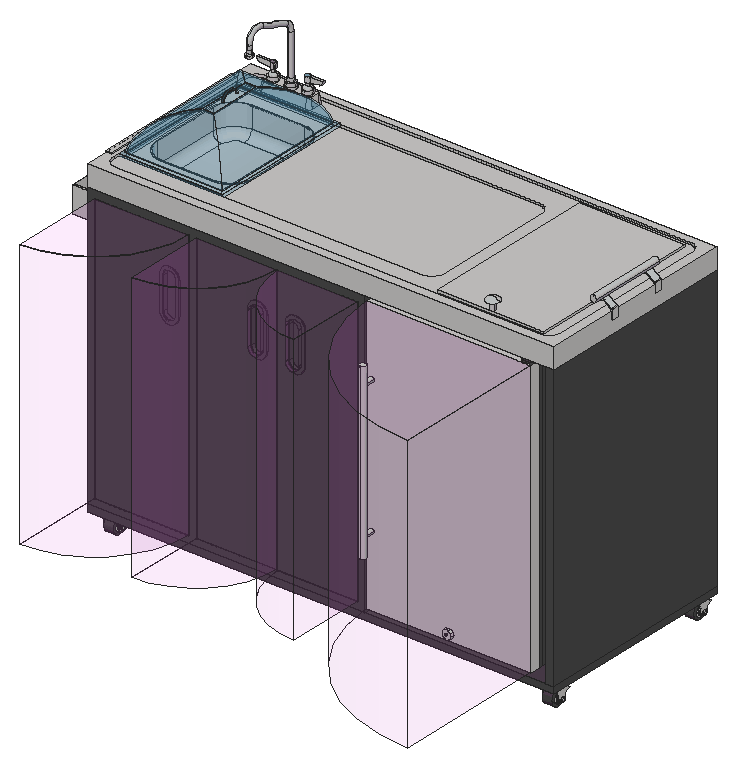
Revit family "QF_Summit_CARTOS54LS_Mobile_Outdoor_Serving_Station_with_Refrigerator", category Specialty Equipment, Revit 2020 (continued)
Automatic sketch dimensions
  profile plane to Sweep 25 sketch curve = 0"
  profile plane to Sweep 25 sketch curve = 4.98184"
  Sweep 25 sketch curve to Sweep 25 sketch curve = 0.12794"
  Sweep 28 sketch curve to Sweep 28 sketch curve = 0"  (x3)
  Sweep 28 sketch curve to profile plane = 0"
  profile plane to Sweep 28 sketch curve = 4.8745"
  Sweep 28 sketch curve to profile plane = 1.1009"
  profile plane to Sweep 28 sketch curve = 0"
  profile plane to Sweep 28 sketch curve = 4.98184"
  Sweep 28 sketch curve to Sweep 28 sketch curve = 0.12794"
  Extrusion 32 sketch curve to Sweep 25 = 0"  (x4)
  Sweep 24 sketch curve to profile plane = 0"  (x2)
  profile plane to Sweep 24 sketch curve = 1/2"  (x2)
  Sweep 24 sketch curve to Sweep 24 sketch curve = 12.05558"
  Sweep 24 sketch curve to Sweep 24 sketch curve = 17"
  Sweep 27 sketch curve to profile plane = 0"  (x2)
  profile plane to Sweep 27 sketch curve = 1/2"  (x2)
  Sweep 27 sketch curve to Sweep 27 sketch curve = 12.05558"
  Sweep 27 sketch curve to Sweep 27 sketch curve = 17"
  curve 11 to curve 148 = 0.37206"
  curve 147 to curve 156 = 5.00244"
  curve 153 to curve 16 = 1/2"
  curve 15 to curve 15 = 0.251"
  curve 155 to curve 154 = 1.30657"
  curve 154 to curve 151 = 5.00244"  (x2)
  curve 145 to curve 10 = 0.37206"
  curve 9 to curve 12 = 0"
  curve 9 to curve 146 = 0.36948"
  curve 134 to curve 154 = 5.37192"
  curve 153 to curve 13 = 1.94612"
  curve 13 to curve 15 = 2.2591"
  curve 15 to curve 156 = 2.04578"
  curve 147 to curve 12 = 0.37206"
  curve 147 to curve 152 = 0.12794"
  curve 145 to curve 134 = 2.8656"
  curve 134 to curve 133 = 1/2"
  curve 133 to curve 133 = 2 3/4"
  curve 133 to curve 132 = 0.62101"
  curve 132 to curve 145 = 1.82485"
  curve 132 to curve 9 = 0.46358"
  curve 9 to curve 132 = 0"
  curve 132 to curve 133 = 0"
  curve 152 to curve 147 = 0.12794"
  curve 19 to curve 160 = 0.37206"
  curve 159 to curve 168 = 5.00244"
  curve 165 to curve 24 = 1/2"
  curve 23 to curve 23 = 0.251"
  curve 167 to curve 166 = 1.30657"
  curve 166 to curve 163 = 5.00244"  (x2)
  curve 157 to curve 18 = 0.37206"
  curve 17 to curve 20 = 0"
  curve 17 to curve 158 = 0.36948"
  curve 137 to curve 166 = 5.37192"
  curve 165 to curve 21 = 1.94612"
  curve 21 to curve 23 = 2.2591"
  curve 23 to curve 168 = 2.04578"
  curve 159 to curve 20 = 0.37206"
  curve 159 to curve 164 = 0.12794"
  curve 157 to curve 137 = 2.8656"
  curve 137 to curve 136 = 1/2"
  curve 136 to curve 136 = 2 3/4"
  curve 136 to curve 135 = 0.62101"
  curve 135 to curve 157 = 1.82485"
  curve 135 to curve 17 = 0.46358"
  curve 17 to curve 135 = 0"
  curve 135 to curve 136 = 0"
  curve 164 to curve 159 = 0.12794"
  curve 40 to plane 4 "RIGHT" = 0"
  curve 27 to plane 4 "RIGHT" = 0"
  plane 1 "BACK" to curve 25 = 0"
  curve 25 to plane 4 "RIGHT" = 0"
  plane 5 "FRONT" to curve 142 = 0"
  curve 26 to plane 3 "LEFT" = 0"
  curve 144 to plane 3 "LEFT" = 0"
  curve 62 to plane 13 = 0"
  curve 33 to plane 4 "RIGHT" = 1/8"
  curve 29 to plane 4 "RIGHT" = 1/8"
  plane 4 "RIGHT" to curve 42 = 1"
  plane 4 "RIGHT" to curve 60 = 1"
  curve 42 to curve 36 = 5/8"
  curve 41 to curve 49 = 1 7/16"
  curve 49 to curve 44 = 1/16"
  curve 49 to curve 41 = 1/16"
  curve 43 to curve 58 = 5/8"
  curve 57 to plane 5 "FRONT" = 1 31/32"
  curve 55 to curve 57 = 5 7/16"
  plane 1 "BACK" to curve 54 = 2 3/16"
  curve 55 to curve 54 = 10 7/8"
  curve 53 to curve 52 = 11/16"  (x2)
  curve 54 to curve 72 = 2 3/8"
  curve 73 to curve 70 = 1 1/2"
  curve 71 to curve 71 = 1 1/2"
  curve 73 to curve 116 = 3/8"
  curve 106 to curve 114 = 0"
  curve 102 to curve 106 = 0"
  curve 112 to curve 114 = 0"
  curve 100 to curve 102 = 0"
  curve 97 to plane 8 "Center X" = 0.04343"
  curve 97 to curve 98 = 0"
  curve 71 to curve 83 = 3/8"
  curve 71 to curve 74 = 3/8"  (x2)
  curve 93 to curve 94 = 0"
  curve 89 to curve 83 = 0"
  curve 78 to curve 76 = 0"
  plane 7 "Center Y" to curve 142 = 4 5/16"
  curve 143 to plane 7 "Center Y" = 3.64411"
  curve 143 to curve 141 = 2.60353"
  plane 8 "Center X" to curve 86 = 2.83157"
  curve 86 to plane 7 "Center Y" = 12 1/16"
  curve 80 to curve 86 = 0"
  curve 76 to curve 78 = 0"
  curve 90 to curve 87 = 0"
  curve 84 to curve 86 = 0"
  curve 109 to curve 91 = 0"
  curve 94 to curve 91 = 0"
  curve 110 to curve 108 = 0"
  curve 98 to curve 95 = 0"
  curve 102 to curve 100 = 0"
  curve 114 to curve 112 = 0"
  curve 109 to curve 120 = 2 1/8"
  curve 117 to curve 140 = 2 1/4"
  curve 140 to curve 139 = 2.33197"
  curve 120 to curve 128 = 2 1/2"
  curve 120 to curve 122 = 2 1/2"
  curve 121 to curve 127 = 4"
  curve 126 to curve 123 = 2"
  plane 3 "LEFT" to curve 125 = 4 1/4"
  plane 1 "BACK" to curve 48 = 0.85593"
  plane 3 "LEFT" to curve 48 = 2 1/2"
  plane 3 "LEFT" to curve 45 = 2 1/2"
  plane 3 "LEFT" to curve 124 = 1 3/4"
  plane 3 "LEFT" to curve 46 = 1"
  curve 138 to curve 26 = 7/8"
  curve 63 to curve 26 = 1/2"
  curve 68 to plane 3 "LEFT" = 1/8"
  curve 66 to plane 13 = 1/8"
  curve 41 to curve 50 = 0.64407"
  curve 46 to curve 61 = 0.45657"
  curve 144 to curve 68 = 1/8"
  plane 1 "BACK" to curve 69 = 3.35593"
  curve 69 to curve 128 = 1 7/8"
  curve 118 to curve 128 = 0"
  curve 77 to curve 77 = 3/8"
  curve 76 to curve 78 = 1/2"
  curve 81 to curve 81 = 3/8"
  plane 8 "Center X" to curve 36 = 4.58157"
  curve 80 to curve 82 = 1/2"
  curve 85 to curve 85 = 3/8"
  curve 35 to curve 30 = 1.00954"
  curve 29 to curve 30 = 3/4"
  curve 87 to curve 87 = 3/8"
  curve 89 to curve 90 = 1/2"
  curve 91 to curve 91 = 3/8"
  plane 8 "Center X" to curve 94 = 0.33157"
  curve 95 to curve 98 = 1/2"
  curve 99 to curve 99 = 3/8"
  curve 100 to curve 102 = 1/2"
  curve 105 to curve 105 = 3/8"
  curve 127 to plane 8 "Center X" = 2.66843"
  curve 33 to plane 8 "Center X" = 2.67796"
  curve 105 to curve 106 = 1/2"
  curve 32 to curve 33 = 3/4"
  curve 107 to curve 107 = 3/8"
  curve 127 to curve 121 = 1 1/4"
  curve 34 to curve 36 = 1"
  curve 107 to curve 110 = 1/2"
  curve 113 to curve 113 = 3/8"
  curve 111 to curve 114 = 1/2"
  curve 117 to curve 117 = 3/8"
  curve 115 to curve 72 = 3/8"
  curve 70 to curve 68 = 0.33157"
  curve 66 to curve 63 = 1/8"
  curve 70 to curve 45 = 0.76907"
  curve 43 to curve 55 = 3/16"
  curve 53 to plane 5 "FRONT" = 2 5/16"
  curve 49 to curve 43 = 5/8"
  plane 5 "FRONT" to curve 143 = 4 19/32"
  curve 143 to curve 141 = 1/16"
  plane 5 "FRONT" to curve 139 = 5 7/16"
  curve 40 to curve 32 = 7/8"
  curve 28 to curve 29 = 0.89527"
  curve 31 to curve 29 = 0"
  curve 32 to curve 34 = 0.02027"
  curve 59 to curve 57 = 0.66659"
  curve 143 to curve 142 = 0"
  curve 141 to curve 140 = 0"
  curve 119 to curve 69 = 0.46533"
  curve 69 to curve 130 = 1/2"
  curve 126 to curve 126 = 7/8"
  curve 128 to curve 118 = 2.28467"
  curve 130 to curve 128 = 0"
  curve 130 to curve 129 = 0.61409"
  curve 128 to curve 118 = 0.61409"
  curve 129 to curve 47 = 0.67634"
  curve 129 to curve 131 = 0.42634"
  curve 139 to curve 138 = 0"
  curve 61 to curve 131 = 0.54343"
  curve 130 to curve 128 = 1 7/8"
  curve 131 to curve 129 = 0"
  radius of Extrusion 11 sketch curve to Extrusion 1 = 0"  (x2)
  radius of Extrusion 9 sketch curve = 7/8"
Nested families (in)
  nested 1: "Summit_Faucet" at (-1.875, -1.0625, 38.25), type "Summit_Faucet"
    with Type Mark "", Specification by User "", Revision Code "", Item Number "", Installed By "", Identify Quantity as Lot yes, Furnished By "", Foodservice Equipment Identifier yes
  nested 2: "2.5 INCHES_CASTER" at (-3.5625, -1.93248, 0), type "2.5 INCHES_CASTER"
    with Type Mark "", Specification by User "", Revision Code "", Item Number "", Installed By "", Identify Quantity as Lot yes, Furnished By "", Foodservice Equipment Identifier yes, 2.5 Inches Caster yes
  nested 3: "2.5 INCHES_CASTER" at (47.1875, -1.93248, 0), type "2.5 INCHES_CASTER"
    with Type Mark "", Specification by User "", Revision Code "", Item Number "", Installed By "", Identify Quantity as Lot yes, Furnished By "", Foodservice Equipment Identifier yes, 2.5 Inches Caster yes
  nested 4: "2.5 INCHES_CASTER" at (-3.5625, -22.43248, 0), type "2.5 INCHES_CASTER"
    with Type Mark "", Specification by User "", Revision Code "", Item Number "", Installed By "", Identify Quantity as Lot yes, Furnished By "", Foodservice Equipment Identifier yes, 2.5 Inches Caster yes
  nested 5: "2.5 INCHES_CASTER" at (47.1875, -22.43248, 0), type "2.5 INCHES_CASTER"
    with Type Mark "", Specification by User "", Revision Code "", Item Number "", Installed By "", Identify Quantity as Lot yes, Furnished By "", Foodservice Equipment Identifier yes, 2.5 Inches Caster yes
  nested 6: "Summit_SPR196OSADA" at (27.125, -5.875, 3.25), Show Clearance <- "Show Clearance", type "Summit_SPR196OSADA"
    with Show Clearance yes
  nested 7: "SPR196OSADA_Door" at (25.50234, -7.23814, 3.25), visible <- "Show RHD", type "SPR196OSADA_Door"
  nested 8: "SPR196OSADA_Door" at (47.74766, -7.23814, 3.25) x (-1, 0, 0) z (0, 0, 1), visible <- "Show LHD", type "SPR196OSADA_Door"
Definition of nested family "Summit_Faucet"
  Parameters (values of type "Summit_Faucet")
    Weight = ""
    URL Manufacturer = ""
    URL Cutsheet = ""
    URL = ""
    Type Mark [instance] = ""
    Specification by User [instance] = ""
    Specification by Manufacturer = ""
    Serial Number = ""
    Seismic Rating = ""
    SMACNA No = ""
    Revision Code [instance] = ""
    Omniclass Number and Title = ""
    NAFEM Spec ID Number = ""
    Model = ""
    MasterSpec. = ""
    Manufacturer = ""
    Item Number [instance] = ""
    Installed By [instance] = ""
    Identify Quantity as Lot [instance] = yes
    Furnished By [instance] = ""
    Foodservice Equipment Identifier [instance] = yes
    Default Elevation = 0"
    CSI MasterFormat = ""
    CSI Master Format = ""
  Reference planes (in)
    plane 1 "BACK": y = 0
    plane 2: z = 0
    plane 3 "LEFT": x = 0
    plane 4 "RIGHT": x = 6
    plane 5 "FRONT": y = -2
    plane 6 "TOP": z = 9.5
    plane 7: x = 3
    plane 8: x = 1
    plane 9: x = 5
    plane 10: z = 6.75
    plane 11: y = -1
    plane 12: y = -7
  Forms (in)
    Blend 1, solid
      base sketch origin (0, 0, 0) x (1, 0, 0) y (0, 1, 0)
        loop
          arc (0.5, 0) -> (0.14645, -0.14645) -> (0, -0.5) r 0.5
          line (0, -0.5) -> (0, -1.5)
          arc (0, -1.5) -> (0.14645, -1.85355) -> (0.5, -2) r 0.5
          line (0.5, -2) -> (5.5, -2)
          arc (5.5, -2) -> (5.85355, -1.85355) -> (6, -1.5) r 0.5
          line (6, -1.5) -> (6, -0.5)
          arc (6, -0.5) -> (5.85355, -0.14645) -> (5.5, 0) r 0.5
          line (5.5, 0) -> (0.5, 0)
      top sketch origin (0, 0, 0) x (1, 0, 0) y (0, 1, 0)
        loop
          line (5.5, -0.25) -> (0.5, -0.25)
          arc (0.5, -0.25) -> (0.32322, -0.32322) -> (0.25, -0.5) r 0.25
          line (0.25, -0.5) -> (0.25, -1.5)
          arc (0.25, -1.5) -> (0.32322, -1.67678) -> (0.5, -1.75) r 0.25
          line (0.5, -1.75) -> (5.5, -1.75)
          arc (5.5, -1.75) -> (5.67678, -1.67678) -> (5.75, -1.5) r 0.25
          line (5.75, -1.5) -> (5.75, -0.5)
          arc (5.75, -0.5) -> (5.67678, -0.32322) -> (5.5, -0.25) r 0.25
      from 0 to 1
    Extrusion 2, solid
      sketch origin (0, -0.09496, -3.5) x (1, 0, 0) y (0, 0, 1)
        loop
          line (4.82421, 6.36488) -> (4.82421, 5.7908) -> (5.75768, 5.80403) -> (6.42048, 5.89366)
          arc (6.42048, 5.89366) -> (6.70947, 6.05462) -> (6.82421, 6.36488) r 0.47687
          line (6.82421, 6.36488) -> (4.82421, 6.36488)
      from 0.77919 to 1.02919
    Revolve 3, solid
      sketch origin (-4.03517, -1, 0) x (1, 0, 0) y (0, 0, 1)
        loop
          line (5.03934, 1) -> (5.03934, 3.02505)
          arc (5.03934, 3.02505) -> (4.87585, 2.98746) -> (4.76133, 2.86488) r 0.2869
          line (4.76133, 2.86488) -> (4.76133, 2.2908) -> (4.87917, 2.2908) -> (4.87917, 1.83261)
          arc (4.87917, 1.83261) -> (4.65407, 1.74222) -> (4.60414, 1.50485) r 0.25731
          line (4.60414, 1.50485) -> (4.45379, 1.50485) -> (4.45379, 1.1768) -> (4.53934, 1.1768) -> (4.53934, 1) -> (5.03934, 1)
        axis (5.03934, 1) -> (5.03934, 3.02505)
      angle from 0 to 360
    Revolve 4, solid
      sketch origin (10.03517, -0.99916, 0) x (-1, 0, 0) y (0, 0, -1)
        loop
          line (5.03934, -1) -> (4.53934, -1) -> (4.53934, -1.1768) -> (4.45379, -1.1768) -> (4.45379, -1.50485) -> (4.60414, -1.50485)
          arc (4.60414, -1.50485) -> (4.65407, -1.74222) -> (4.87917, -1.83261) r 0.25731
          line (4.87917, -1.83261) -> (4.87917, -2.2908) -> (4.76133, -2.2908) -> (4.76133, -2.86488)
          arc (4.76133, -2.86488) -> (4.87585, -2.98746) -> (5.03934, -3.02505) r 0.2869
          line (5.03934, -3.02505) -> (5.03934, -1)
        axis (5.03934, -1) -> (5.03934, -3.02505)
      angle from 0 to 360
    Extrusion 5, solid
      sketch origin (6, -0.09496, -3.5) x (-1, 0, 0) y (0, 0, -1)
        loop
          line (4.82421, -6.36488) -> (6.82421, -6.36488)
          arc (6.82421, -6.36488) -> (6.70947, -6.05462) -> (6.42048, -5.89366) r 0.47687
          line (6.42048, -5.89366) -> (5.75768, -5.80403) -> (4.82421, -5.7908) -> (4.82421, -6.36488)
      from 0.77919 to 1.02919
    Revolve 6, solid
      sketch origin (0, -7, 0) x (1, 0, 0) y (0, 0, 1)
        loop
          line (3, 7.59291) -> (2.75, 7.59291) -> (2.75, 7.16874) -> (2.625, 6.95223) -> (2.625, 6.75) -> (3, 6.75) -> (3, 7.59291)
        axis (3, 6.75) -> (3, 7.59291)
      angle from 0 to 360
    Sweep 7, solid
      path origin (3, 0, 0) x (0, 1, 0) y (0, 0, 1)
        loop
          line (-7, 7.59291) -> (-7, 8.04139)
          arc (-7, 8.04139) -> (-6.46697, 9.06533) -> (-5.32247, 9.21601) r 1.25
          line (-5.32247, 9.21601) -> (-1.75198, 7.91645)
          arc (-1.75198, 7.91645) -> (-1.20668, 7.49803) -> (-1, 6.84252) r 1.14286
          line (-1, 6.84252) -> (-1, 2)
      profile origin (3, -7, 7.81715) x (0, -1, 0) y (1, 0, 0)
        loop
          circle (0, 0) r 0.25
    Revolve 8, solid
      sketch origin (8.03517, -0.9375, -3.5) x (-1, 0, 0) y (0, 0, -1)
        loop
          line (5.03934, -4.5) -> (4.40363, -4.5) -> (4.40363, -4.67045) -> (4.50358, -4.67045) -> (4.50358, -5.02398) -> (4.68786, -5.13038) -> (4.68786, -5.5) -> (5.03934, -5.5) -> (5.03934, -4.5)
        axis (5.03934, -4.5) -> (5.03934, -5.5)
      angle from 0 to 360
  Cuts and joins
    joined: Revolve 6, Sweep 7
  Lines and regions (in)
    symbolic lines
      curve 1: line (2.67337, -7.08919, 0) -> (2.67337, -1, 0)
      curve 2: line (3.29837, -7.08919, 0) -> (3.29837, -1, 0)
      curve 3: arc (3.29837, -1, 0) -> (2.98587, -0.6875, 0) -> (2.67337, -1, 0) r 0.3125
      curve 4: arc (3.29837, -1.40113, 0) -> (2.98587, -0.49151, 0) -> (2.67337, -1.40113, 0) r 0.50849
      curve 5: arc (3.29837, -1.5749, 0) -> (3.01791, -0.35019, 0) -> (2.67337, -1.55844, 0) r 0.6486
      curve 6: line (4.38304, -0.63916, 0) -> (5.00804, -0.27831, 0)
      curve 7: line (5.00804, -0.27831, 0) -> (5.63304, -0.63916, 0)
      curve 8: line (5.63304, -0.63916, 0) -> (5.63304, -1.26764, 0)
      curve 9: line (4.38304, -1.36084, 0) -> (4.38304, -0.63916, 0)
      curve 10: line (5.00804, -1.72169, 0) -> (4.38304, -1.36084, 0)
      curve 11: line (5.23435, -1.59103, 0) -> (5.00804, -1.72169, 0)
      curve 12: arc (5.53526, -1.17341, 0) -> (4.61465, -0.60851, 0) -> (5.18402, -1.52636, 0) r 0.555
      curve 13: arc (5.28147, -0.74178, 0) -> (4.74077, -0.73099, 0) -> (4.75156, -1.27169, 0) r 0.375
      curve 14: arc (4.75156, -1.27169, 0) -> (4.84744, -1.34648, 0) -> (4.96221, -1.38665, 0) r 0.375
      curve 15: arc (5.23435, -1.59103, 0) -> (5.11621, -1.46497, 0) -> (4.96221, -1.38665, 0) r 0.5
      curve 16: line (5.22231, -1.58455, 0) -> (6.43111, -2.61867, 0)
      curve 17: arc (6.43111, -2.61867, 0) -> (6.60796, -2.59971, 0) -> (6.62691, -2.42286, 0) r 0.14168
      curve 18: line (5.58934, -1.21683, 0) -> (6.62691, -2.42286, 0)
      curve 19: arc (5.39644, -0.95243, 0) -> (5.47064, -1.10086, 0) -> (5.58934, -1.21683, 0) r 0.5
      curve 20: arc (5.39644, -0.95243, 0) -> (5.35626, -0.83766, 0) -> (5.28147, -0.74178, 0) r 0.375
      curve 21: line (1.62658, -0.63916, 0) -> (1.00158, -0.27831, 0)
      curve 22: line (1.62658, -1.36084, 0) -> (1.62658, -0.63916, 0)
      curve 23: line (1.00158, -1.72169, 0) -> (1.62658, -1.36084, 0)
      curve 24: line (0.77192, -1.58909, 0) -> (1.00158, -1.72169, 0)
      curve 25: line (0.77192, -1.58909, 0) -> (-0.42292, -2.61705, 0)
      curve 26: arc (-0.61721, -2.42277, 0) -> (-0.59834, -2.59818, 0) -> (-0.42292, -2.61705, 0) r 0.1406
      curve 27: line (0.42029, -1.21683, 0) -> (-0.61721, -2.42277, 0)
      curve 28: arc (0.42029, -1.21683, 0) -> (0.53899, -1.10086, 0) -> (0.61319, -0.95243, 0) r 0.5
      curve 29: arc (1.04741, -1.38665, 0) -> (0.89898, -1.46086, 0) -> (0.78301, -1.57955, 0) r 0.5
      curve 30: arc (1.04741, -1.38665, 0) -> (1.16218, -1.34648, 0) -> (1.25806, -1.27169, 0) r 0.375
      curve 31: arc (1.25806, -1.27169, 0) -> (1.26885, -0.73099, 0) -> (0.72816, -0.74178, 0) r 0.375
      curve 32: arc (0.72816, -0.74178, 0) -> (0.65337, -0.83766, 0) -> (0.61319, -0.95243, 0) r 0.375
      curve 33: circle (1.00158, -1, 0) r 0.225 normal (0, 0, 1)
      curve 34: line (1.00158, -0.27831, 0) -> (0.37658, -0.63916, 0)
      curve 35: line (0.37658, -0.63916, 0) -> (0.37658, -1.26764, 0)
      curve 36: arc (0.82561, -1.52636, 0) -> (1.39498, -0.60851, 0) -> (0.47437, -1.17341, 0) r 0.555
      curve 37: arc (2.67337, -6.68325, 0) -> (2.98587, -7.60148, 0) -> (3.29837, -6.68325, 0) r 0.51229
      curve 38: arc (2.67337, -7.08919, 0) -> (2.98587, -7.40169, 0) -> (3.29837, -7.08919, 0) r 0.3125
      curve 39: line (3.29837, -2, 0) -> (5.51871, -2, 0)
      curve 40: line (6, -1.5, 0) -> (6, -0.5, 0)
      curve 41: line (5.5, 0, 0) -> (0.5, 0, 0)
      curve 42: line (0, -0.5, 0) -> (0, -1.5, 0)
      curve 43: line (0.5, -2, 0) -> (2.67337, -2, 0)
      curve 44: line (0.58489, -1.75, 0) -> (2.67337, -1.75, 0)
      curve 45: line (3.29837, -1.75, 0) -> (5.41571, -1.75, 0)
      curve 46: line (0.5, -0.25, 0) -> (5.5, -0.25, 0)
      curve 47: arc (5.75, -0.5, 0) -> (5.67678, -0.32322, 0) -> (5.5, -0.25, 0) r 0.25
      curve 48: arc (0.5, -0.25, 0) -> (0.32322, -0.32322, 0) -> (0.25, -0.5, 0) r 0.25
      curve 49: line (0.25, -1.41477, 0) -> (0.25, -0.5, 0)
      curve 50: line (5.75, -0.5, 0) -> (5.75, -1.40358, 0)
      curve 51: line (0.05911, -1.63665, 0) -> (0, -1.5, 0)
      curve 52: line (0.5, -2, 0) -> (0.35546, -1.94739, 0)
      curve 53: line (5.64118, -1.94289, 0) -> (5.51871, -2, 0)
      curve 54: line (5.94504, -1.63028, 0) -> (6, -1.5, 0)
      curve 55: arc (5.5, 0, 0) -> (5.85355, -0.14645, 0) -> (6, -0.5, 0) r 0.5
      curve 56: arc (0, -0.5, 0) -> (0.14645, -0.14645, 0) -> (0.5, 0, 0) r 0.5
      curve 57: circle (4.99842, -1, 0) r 0.225 normal (0, 0, -1)
  Dimensions and locks (in)
    equal spacing: plane 4 "RIGHT", plane 7, plane 3 "LEFT"
    plane 6 "TOP" to plane 2 = 9 1/2"
    aligned and locked: level to plane 2
  Automatic sketch dimensions
    Blend 1 sketch curve to plane 3 "LEFT" = 0"
    plane 5 "FRONT" to Blend 1 sketch curve = 0"
    plane 1 "BACK" to Blend 1 sketch curve = 0"
    Blend 1 sketch curve to plane 4 "RIGHT" = 0"
    plane 3 "LEFT" to Blend 1 sketch curve = 1/2"  (x2)
    Blend 1 sketch curve to plane 4 "RIGHT" = 1/2"  (x3)
    plane 1 "BACK" to Blend 1 sketch curve = 1/2"  (x2)
    plane 3 "LEFT" to Blend 1 sketch curve = 1/4"
    Blend 1 sketch curve to Blend 1 sketch curve = 1/4"  (x3)
    Blend 1 sketch curve to plane 5 "FRONT" = 1/4"
    plane 9 to Extrusion 2 sketch curve = 45/256"
    Extrusion 2 sketch curve to plane 4 "RIGHT" = 0.24232"
    plane 4 "RIGHT" to Extrusion 2 sketch curve = 0.34735"
    plane 4 "RIGHT" to Extrusion 2 sketch curve = 0.42048"
    Extrusion 2 sketch curve to plane 10 = 3.88512"
    Extrusion 2 sketch curve to Extrusion 2 sketch curve = 0.47687"
    Extrusion 2 sketch curve to Extrusion 2 sketch curve = 0.08963"
    Extrusion 2 sketch curve to Extrusion 2 sketch curve = 0.57408"
    plane 8 to Extrusion 5 sketch curve = 45/256"
    plane 3 "LEFT" to Extrusion 5 sketch curve = 0.24232"
    Extrusion 5 sketch curve to plane 3 "LEFT" = 0.34735"
    Extrusion 5 sketch curve to plane 3 "LEFT" = 0.42048"
    Extrusion 5 sketch curve to plane 10 = 3.88512"
    Extrusion 5 sketch curve to Extrusion 5 sketch curve = 0.47687"
    Extrusion 5 sketch curve to Extrusion 5 sketch curve = 0.08963"
    Extrusion 5 sketch curve to Extrusion 5 sketch curve = 0.57408"
    Revolve 6 sketch curve to plane 10 = 0"
    plane 7 to Revolve 6 sketch curve = 0"  (x2)
    Revolve 6 sketch curve to Revolve 6 sketch curve = 1/4"
    Revolve 6 sketch curve to Revolve 6 sketch curve = 1/8"
    plane 10 to Revolve 6 sketch curve = 0.20223"
    Revolve 6 sketch curve to Revolve 6 sketch curve = 0.21651"
    Revolve 6 sketch curve to Revolve 6 sketch curve = 0.42418"
    Revolve 6 sketch curve to Revolve 6 sketch curve = 0.09934"
    Revolve 6 sketch curve to Revolve 6 sketch curve = 0.33586"
    plane 7 to Revolve 8 sketch curve = 0.63154"
    Revolve 8 sketch curve to Revolve 8 sketch curve = 0.09994"
    Revolve 8 sketch curve to Revolve 8 sketch curve = 0.18428"
    Revolve 8 sketch curve to plane 7 = 0.00417"  (x2)
    Revolve 8 sketch curve to plane 10 = 3.2092"
    Revolve 8 sketch curve to plane 10 = 4 3/4"
    Revolve 8 sketch curve to Revolve 8 sketch curve = 0.5408"
    Revolve 8 sketch curve to Revolve 8 sketch curve = 0.36962"
    Revolve 8 sketch curve to Revolve 8 sketch curve = 0.1064"
    Revolve 8 sketch curve to Revolve 8 sketch curve = 0.35353"
    Revolve 8 sketch curve to Revolve 8 sketch curve = 0.17045"
    Revolve 3 sketch curve to plane 8 = 0.0161"
    Revolve 3 sketch curve to plane 8 = 0.156"
    Revolve 3 sketch curve to plane 8 = 0.18399"
    Revolve 3 sketch curve to Revolve 3 sketch curve = 0.11783"
    Revolve 3 sketch curve to Revolve 3 sketch curve = 0.24704"
    Revolve 3 sketch curve to plane 8 = 0.49583"
    Revolve 3 sketch curve to Revolve 3 sketch curve = 0.08555"
    plane 8 to Revolve 3 sketch curve = 0.00417"  (x2)
    level to Revolve 3 sketch curve = 1"
    Revolve 3 sketch curve to Revolve 3 sketch curve = 0.1768"
    Revolve 3 sketch curve to Revolve 3 sketch curve = 0.32805"
    Revolve 3 sketch curve to Revolve 3 sketch curve = 0.07197"
    Revolve 3 sketch curve to Revolve 3 sketch curve = 0.45819"
    Revolve 3 sketch curve to Revolve 3 sketch curve = 1/4"
    Revolve 3 sketch curve to Revolve 3 sketch curve = 0.19807"
    Revolve 3 sketch curve to Revolve 3 sketch curve = 0.12601"
    plane 10 to Revolve 3 sketch curve = 0.2908"
    Revolve 4 sketch curve to plane 9 = 0.0161"
    Revolve 4 sketch curve to plane 9 = 0.156"
    Revolve 4 sketch curve to plane 9 = 0.18399"
    Revolve 4 sketch curve to plane 9 = 0.27384"
    Revolve 4 sketch curve to Revolve 4 sketch curve = 0.24704"
    Revolve 4 sketch curve to plane 9 = 0.49583"
    Revolve 4 sketch curve to Revolve 4 sketch curve = 0.08555"
    plane 9 to Revolve 4 sketch curve = 0.00417"  (x2)
    level to Revolve 4 sketch curve = 1"
    Revolve 4 sketch curve to Revolve 4 sketch curve = 0.1768"
    Revolve 4 sketch curve to Revolve 4 sketch curve = 0.32805"
    Revolve 4 sketch curve to Revolve 4 sketch curve = 0.07197"
    Revolve 4 sketch curve to Revolve 4 sketch curve = 0.45819"
    Revolve 4 sketch curve to Revolve 4 sketch curve = 1/4"
    Revolve 4 sketch curve to Revolve 4 sketch curve = 0.19807"
    Revolve 4 sketch curve to Revolve 4 sketch curve = 0.12601"
    plane 10 to Revolve 4 sketch curve = 0.2908"
    curve 3 to curve 4 = 0"  (x2)
    curve 30 to curve 32 = 0"  (x2)
    curve 33 to curve 36 = 0"  (x2)
    curve 37 to curve 38 = 0"  (x2)
    curve 47 to curve 55 = 0"  (x2)
    curve 48 to curve 56 = 0"  (x2)
    curve 42 to plane 3 "LEFT" = 0"
    plane 5 "FRONT" to curve 43 = 0"
    plane 1 "BACK" to curve 56 = 0"
    curve 36 to plane 11 = 0"
    curve 3 to plane 11 = 0"
    plane 5 "FRONT" to curve 39 = 0"
    curve 57 to plane 11 = 0"
    curve 12 to plane 11 = 0"
    curve 54 to plane 4 "RIGHT" = 0"
    curve 26 to plane 3 "LEFT" = 0.42292"
    curve 26 to curve 25 = 0.07599"
    curve 27 to curve 26 = 0.11829"
    plane 3 "LEFT" to curve 51 = 0.05911"
    plane 3 "LEFT" to curve 28 = 0.13506"
    curve 56 to curve 49 = 1/4"
    curve 52 to plane 5 "FRONT" = 0.05261"
    plane 3 "LEFT" to curve 52 = 91/256"
    curve 49 to curve 35 = 0.12658"
    curve 35 to curve 28 = 0.04371"
    curve 28 to curve 36 = 0.05408"
    curve 52 to curve 43 = 37/256"
    curve 48 to curve 46 = 1/4"
    curve 43 to curve 44 = 0.08489"
    plane 11 to curve 28 = 0.04757"
    curve 36 to curve 28 = 0.13882"
    curve 28 to curve 32 = 0.11497"
    curve 24 to plane 8 = 0.22808"
    curve 24 to curve 29 = 0.01109"
    curve 29 to curve 36 = 0.0426"
    curve 32 to plane 8 = 0.01747"
    plane 8 to curve 36 = 0.00158"
    plane 8 to curve 21 = 0.00158"
    plane 8 to curve 23 = 0.00158"
    plane 8 to curve 31 = 0.00369"
    plane 8 to curve 30 = 0.04741"
    plane 8 to curve 29 = 0.19367"
    curve 29 to curve 31 = 0.21065"
    plane 8 to curve 22 = 0.62658"
    curve 1 to plane 12 = 0.08919"
    curve 1 to plane 7 = 0.32663"
    curve 37 to plane 7 = 0.01413"
    plane 7 to curve 5 = 0.00083"
    plane 9 to curve 6 = 0.61696"
    plane 9 to curve 13 = 0.24844"
    plane 9 to curve 15 = 0.18405"
    plane 9 to curve 15 = 0.03779"
    plane 9 to curve 57 = 0.00158"
    plane 11 to curve 13 = 0.00384"
    curve 13 to plane 9 = 0.00594"
    curve 11 to plane 9 = 0.00804"
    curve 7 to plane 9 = 0.00804"
    curve 13 to curve 12 = 0.00211"
    curve 12 to curve 20 = 0.01905"
    curve 20 to curve 14 = 0"
    curve 12 to plane 9 = 0.18402"
    curve 12 to curve 16 = 0.0383"
    curve 16 to curve 15 = 0.01204"
    curve 13 to plane 9 = 0.28147"
    plane 11 to curve 19 = 0.04757"
    curve 13 to curve 19 = 0.11497"
    curve 11 to curve 45 = 0.18136"
    curve 41 to plane 4 "RIGHT" = 1/2"
    curve 45 to curve 39 = 0.103"
    curve 12 to plane 11 = 0.17341"
    curve 20 to curve 12 = 0.13882"
    curve 12 to curve 19 = 0.05408"
    curve 18 to curve 8 = 0.04371"
    curve 53 to plane 5 "FRONT" = 0.05711"
    curve 39 to curve 53 = 0.12247"
    curve 19 to plane 4 "RIGHT" = 0.12544"
    curve 54 to plane 4 "RIGHT" = 0.05496"
    plane 4 "RIGHT" to curve 17 = 0.43111"
    curve 16 to curve 17 = 0.07667"
    curve 17 to curve 18 = 0.11914"
    plane 12 to curve 37 = 0.31675"
    plane 5 "FRONT" to curve 17 = 0.61867"
    plane 5 "FRONT" to curve 26 = 0.61705"
    curve 17 to curve 17 = 0.11914"
    curve 25 to curve 26 = 0.11829"
    curve 15 to plane 5 "FRONT" = 0.13522"
    curve 29 to plane 5 "FRONT" = 0.13522"
    curve 29 to curve 24 = 0.14309"
    curve 15 to curve 10 = 0.14309"
    curve 52 to curve 51 = 0.31074"
    curve 45 to curve 5 = 0.1751"
    curve 44 to curve 5 = 0.19156"
    curve 51 to curve 51 = 0.13665"
    curve 54 to curve 54 = 0.13028"
    curve 5 to curve 4 = 0.15731"
    curve 9 to plane 11 = 0.36084"
    curve 22 to plane 11 = 0.36084"
    curve 29 to curve 30 = 0.11497"
    curve 14 to curve 13 = 0.11497"
    plane 11 to curve 21 = 0.36084"
    plane 11 to curve 6 = 0.36084"
    curve 8 to curve 47 = 0.13916"
    curve 34 to curve 48 = 0.13916"
    plane 1 "BACK" to curve 34 = 0.27831"
    plane 1 "BACK" to curve 7 = 0.27831"
    Sweep 7 sketch curve to profile plane = 0"  (x2)
    Sweep 7 sketch curve to plane 12 = 0"
    Sweep 7 sketch curve to plane 11 = 0"
    plane 12 to Sweep 7 sketch curve = 1 1/4"
    Sweep 7 sketch curve to plane 6 "TOP" = 0.28399"
    Sweep 7 sketch curve to Sweep 7 sketch curve = 0.42753"
    plane 5 "FRONT" to Sweep 7 sketch curve = 0.14286"
    Sweep 7 sketch curve to plane 5 "FRONT" = 0.24802"
    plane 10 to Sweep 7 sketch curve = 1.16645"
    Sweep 7 sketch curve to Sweep 7 sketch curve = 0.44847"
    level to Sweep 7 sketch curve = 2"
    radius of curve 33 = 0.225"
    radius of curve 57 = 0.225"
    radius of Sweep 7 sketch curve = 1/4"
Definition of nested family "2.5 INCHES_CASTER"
  Parameters (values of type "2.5 INCHES_CASTER")
    Weight = ""
    URL Manufacturer = ""
    URL Cutsheet = ""
    URL = ""
    Type Mark [instance] = ""
    Specification by User [instance] = ""
    Specification by Manufacturer = ""
    Serial Number = ""
    Seismic Rating = ""
    SMACNA No = ""
    Revision Code [instance] = ""
    Omniclass Number and Title = ""
    NAFEM Spec ID Number = ""
    Model = ""
    MasterSpec. = ""
    Manufacturer = ""
    Item Number [instance] = ""
    Installed By [instance] = ""
    Identify Quantity as Lot [instance] = yes
    Furnished By [instance] = ""
    Foodservice Equipment Identifier [instance] = yes
    Description = ""
    Default Elevation = 0"
    CSI MasterFormat = ""
    CSI Master Format = ""
    Assembly Code = ""
    2.5 Inches Caster [instance] = yes
  Reference planes (in)
    plane 1: z = 0
    plane 2 "RIGHT": x = 0
    plane 3 "FRONT": y = 0
    plane 4 "TOP": z = 2.5
  Forms (in)
    Revolve 1, solid, visible <- "2.5 Inches Caster"
      sketch origin (-1.93794, 0.83816, -1.0041) x (1, 0, 0) y (0, 0, 1)
        loop
          line (0.74055, 1.92597) -> (0.74055, 1.85047) -> (0.79055, 1.80047) -> (0.85055, 1.80047) -> (0.85055, 1.6804) -> (1.235, 1.6804) -> (1.235, 1.61305) -> (1.38673, 1.52545) -> (1.4003, 1.4416) -> (1.34375, 1.4416) -> (1.34375, 1.3166) -> (1.375, 1.3166) -> (1.375, 1.0041) -> (2.48438, 1.0041) -> (2.48438, 1.3166) -> (2.51563, 1.3166) -> (2.51563, 1.4416) -> (2.45908, 1.4416) -> (2.47322, 1.52897) -> (2.62438, 1.61624) -> (2.62438, 1.6804) -> (3.04007, 1.6804) -> (3.04007, 1.80047) -> (3.10007, 1.80047) -> (3.15007, 1.85047) -> (3.15007, 1.92597) -> (0.74055, 1.92597)
        axis (0.74055, 1.92597) -> (3.15007, 1.92597)
      angle from 0 to 360
    Extrusion 2, solid, visible <- "2.5 Inches Caster"
      sketch origin (-1.93794, 1.80294, -3.2541) x (0, 1, 0) y (0, 0, 1)
        loop
          line (-0.64294, 5.43229) -> (-0.64294, 5.55298) -> (-2.21294, 5.55298) -> (-2.21294, 5.30272) -> (-1.81966, 5.30272)
          arc (-1.81966, 5.30272) -> (-1.13638, 5.20789) -> (-0.46376, 5.05475) r 8.02767
          arc (-0.46376, 5.05475) -> (-0.19511, 4.95469) -> (0.05138, 4.80832) r 1.60049
          line (0.05138, 4.80832) -> (0.12713, 4.91318)
          arc (0.12713, 4.91318) -> (-0.07255, 5.06376) -> (-0.29048, 5.18644) r 1.8753
          line (-0.29048, 5.18644) -> (-0.22239, 5.30423)
          arc (-0.22239, 5.30423) -> (-0.42776, 5.38437) -> (-0.64294, 5.43229) r 1.44292
      from 1.17357 to 2.70231
    Revolve 3, solid, visible <- "2.5 Inches Caster"
      sketch origin (0, 2.10856, -3.75) x (0, 1, 0) y (0, 0, 1)
        loop
          line (-1.73858, 6.25) -> (-1.73858, 6.04889) -> (-1.05793, 6.04889) -> (-1.05793, 6.25) -> (-1.73858, 6.25)
        axis (-1.73858, 6.04889) -> (-1.73858, 6.25)
      angle from 0 to 360
    Extrusion 4, solid, visible <- "2.5 Inches Caster"
      sketch origin (-1.98481, 1.80294, -1.7541) x (0, 1, 0) y (0, 0, 1)
        loop
          line (-2.21294, 4.05298) -> (-2.21294, 3.80272) -> (-2.13999, 3.80272)
          arc (-2.13999, 3.80272) -> (-1.62379, 3.51899) -> (-1.39241, 2.97729) r 0.90292
          arc (-1.39241, 2.97729) -> (-1.36136, 2.78161) -> (-1.29729, 2.59413) r 1.15385
          arc (-1.29729, 2.59413) -> (-0.94802, 2.37355) -> (-0.6121, 2.61396) r 0.37001
          arc (-0.6121, 2.61396) -> (-0.59625, 2.66241) -> (-0.58446, 2.712) r 0.61695
          arc (-0.58446, 2.712) -> (-0.36134, 3.11665) -> (0.05609, 3.31484) r 0.75313
          line (0.05609, 3.31484) -> (0.12713, 3.41318)
          arc (0.12713, 3.41318) -> (-0.07255, 3.56376) -> (-0.29048, 3.68644) r 1.8753
          line (-0.29048, 3.68644) -> (-0.22239, 3.80423)
          arc (-0.22239, 3.80423) -> (-0.42776, 3.88437) -> (-0.64294, 3.93229) r 1.44292
          line (-0.64294, 3.93229) -> (-0.64294, 4.05298) -> (-2.21294, 4.05298)
      from 2.74918 to 2.90825
    Extrusion 5, solid, visible <- "2.5 Inches Caster"
      sketch origin (1.98481, 1.80294, -1.7541) x (0, 1, 0) y (0, 0, -1)
        loop
          line (-2.21294, -4.05298) -> (-0.64294, -4.05298) -> (-0.64294, -3.93229)
          arc (-0.64294, -3.93229) -> (-0.42776, -3.88437) -> (-0.22239, -3.80423) r 1.44292
          line (-0.22239, -3.80423) -> (-0.29048, -3.68644)
          arc (-0.29048, -3.68644) -> (-0.07255, -3.56376) -> (0.12713, -3.41318) r 1.8753
          line (0.12713, -3.41318) -> (0.05609, -3.31484)
          arc (0.05609, -3.31484) -> (-0.36134, -3.11665) -> (-0.58446, -2.712) r 0.75313
          arc (-0.58446, -2.712) -> (-0.59625, -2.66241) -> (-0.6121, -2.61396) r 0.61695
          arc (-0.6121, -2.61396) -> (-0.94802, -2.37355) -> (-1.29729, -2.59413) r 0.37001
          arc (-1.29729, -2.59413) -> (-1.36136, -2.78161) -> (-1.39241, -2.97729) r 1.15385
          arc (-1.39241, -2.97729) -> (-1.62379, -3.51899) -> (-2.13999, -3.80272) r 0.90292
          line (-2.13999, -3.80272) -> (-2.21294, -3.80272) -> (-2.21294, -4.05298)
      from 2.74918 to 2.90825
  Lines and regions (in)
    symbolic lines, visible <- "2.5 Inches Caster"
      curve 1: line (0.10651, 1.96132, 0) -> (0.80944, 1.55548, 0)
      curve 2: line (-0.89349, 0.22927, 0) -> (0.10651, 1.96132, 0)
      curve 3: line (-0.19056, -0.17657, 0) -> (-0.89349, 0.22927, 0)
      curve 4: line (0.80944, 1.55548, 0) -> (-0.19056, -0.17657, 0)
  Dimensions and locks (in)
    plane 4 "TOP" to level = 2 1/2"  (x2)
    aligned and locked: level to plane 1
Definition of nested family "Summit_SPR196OSADA"
  Parameters (values of type "Summit_SPR196OSADA")
    Show Clearance [instance] = yes
    Model = "SPR196OSADA"
    Manufacturer = "Summit"
    Length = 19"
    Height = 32 3/8"
    Description = "Indoor/Outdoor Beverage Cooler, ADA Compliant"
    Depth = 17"
    Default Elevation = 0"
  Reference planes (in)
    plane 1: z = 0
    plane 2 "LEFT": x = 0
    plane 3 "RIGHT": x = 19
    plane 4 "FRONT": y = -17.75
    plane 5 "TOP": z = 32.375
    plane 6 "Center Y": x = 9.5
    plane 7 "Center X": y = -9.25
    plane 8 "BACK": y = -0.75
    plane 9: y = -19.375
    plane 10: y = -16.125
    plane 11: y = -16.41209
    plane 12: z = 0.5
    plane 13: y = -0.9375
    plane 14: y = -35.49996
    plane 15: z = 32.5
  Forms (in)
    Extrusion 1, solid
      sketch origin (22.25, -2.96287, 24.25) x (0, 1, 0) y (-1, 0, 0)
        loop
          line (2.02537, 22.25) -> (-13.16213, 22.25) -> (-13.16213, 3.25) -> (2.02537, 3.25) -> (2.02537, 22.25)
      from -23.75 to 8.125
    Extrusion 2, solid
      sketch origin (22.25, -2.96287, 24.25) x (0, 1, 0) y (-1, 0, 0)
        loop
          line (-13.16213, 22.25) -> (-13.44922, 22.25) -> (-13.44922, 3.25) -> (-13.16213, 3.25) -> (-13.16213, 22.25)
      from -23.75 to 8.125
    Extrusion 3, solid
      sketch origin (22.25, -2.96287, 24.25) x (0, 1, 0) y (-1, 0, 0)
        loop
          line (2.02537, 3.25) -> (2.11287, 3.25)
          arc (2.11287, 3.25) -> (2.18358, 3.27929) -> (2.21287, 3.35) r 0.1
          line (2.21287, 3.35) -> (2.21287, 22.15)
          arc (2.21287, 22.15) -> (2.18358, 22.22071) -> (2.11287, 22.25) r 0.1
          line (2.11287, 22.25) -> (2.02537, 22.25) -> (2.02537, 3.25)
      from -23.75 to 8.125
    Extrusion 4, void
      sketch origin (22.25, -2.96287, 24.25) x (0, 1, 0) y (-1, 0, 0)
        loop
          line (-13.44922, 4.75) -> (-0.59963, 4.75)
          arc (-0.59963, 4.75) -> (-0.42285, 4.82322) -> (-0.34963, 5) r 0.25
          line (-0.34963, 5) -> (-0.34963, 20.5)
          arc (-0.34963, 20.5) -> (-0.42285, 20.67678) -> (-0.59963, 20.75) r 0.25
          line (-0.59963, 20.75) -> (-13.44922, 20.75) -> (-13.44922, 4.75)
      from -22 to 6.5
    Extrusion 5, solid
      sketch origin (0, 0, 7) x (1, 0, 0) y (0, 1, 0)
        loop
          line (1.5, -9.59375) -> (17.5, -9.59375) -> (17.5, -3.5625) -> (1.5, -3.5625) -> (1.5, -9.59375)
      from 16 to 16.25
    Extrusion 6, solid
      sketch origin (23.88, 0, 0) x (0, 1, 0) y (0, 0, 1)
        loop
          line (-12.25, 30) -> (-5.81931, 28.75) -> (-3.3125, 28.75) -> (-3.3125, 30.75) -> (-12.25, 30.75) -> (-12.25, 30)
      from -19.63 to -9.13
    Revolve 7, solid
      sketch origin (-74.8943, -14.85392, 32) x (1, 0, 0) y (0, 0, 1)
        loop
          line (76.73805, -31.625) -> (76.73805, -31.5) -> (76.4568, -31.5) -> (76.4568, -32) -> (77.19926, -32) -> (77.19926, -31.625) -> (76.73805, -31.625)
        axis (76.4568, -32) -> (76.4568, -31.5)
      angle from 0 to 360
    Revolve 8, solid
      sketch origin (93.8943, -14.85392, 32) x (-1, 0, 0) y (0, 0, -1)
        loop
          line (76.73805, 31.625) -> (77.19926, 31.625) -> (77.19926, 32) -> (76.4568, 32) -> (76.4568, 31.5) -> (76.73805, 31.5) -> (76.73805, 31.625)
        axis (76.4568, 32) -> (76.4568, 31.5)
      angle from 0 to 360
    Revolve 9, solid
      sketch origin (-74.8943, -2.04142, 32) x (1, 0, 0) y (0, 0, 1)
        loop
          line (76.73805, -31.625) -> (76.73805, -31.5) -> (76.4568, -31.5) -> (76.4568, -32) -> (77.19926, -32) -> (77.19926, -31.625) -> (76.73805, -31.625)
        axis (76.4568, -32) -> (76.4568, -31.5)
      angle from 0 to 360
    Revolve 10, solid
      sketch origin (93.8943, -2.04142, 32) x (-1, 0, 0) y (0, 0, -1)
        loop
          line (76.73805, 31.625) -> (77.19926, 31.625) -> (77.19926, 32) -> (76.4568, 32) -> (76.4568, 31.5) -> (76.73805, 31.5) -> (76.73805, 31.625)
        axis (76.4568, 32) -> (76.4568, 31.5)
      angle from 0 to 360
    Extrusion 11, solid
      sketch origin (0, -0.75, 0) x (1, 0, 0) y (0, 0, 1)
        loop
          circle (16, 1.41109) r 0.25
      from 0.24762 to 0
  Cuts and joins
    Extrusion 4 cuts Extrusion 1
    joined: Extrusion 1, Extrusion 6
    Extrusion 4 cuts Extrusion 2
  Lines and regions (in)
    symbolic lines
      curve 1: arc (0.35, -0.75, 0) -> (0.27929, -0.77929, 0) -> (0.25, -0.85, 0) r 0.1
      curve 2: line (0.25, -0.85, 0) -> (0.25, -0.9375, 0)
      curve 3: line (18.875, -0.9375, 0) -> (18.875, -0.85, 0)
      curve 4: arc (18.875, -0.85, 0) -> (18.84571, -0.77929, 0) -> (18.775, -0.75, 0) r 0.1
      curve 5: line (18.775, -0.75, 0) -> (0.35, -0.75, 0)
      curve 6: line (0, -0.9375, 0) -> (0, -16.125, 0)
      curve 7: line (0, -16.125, 0) -> (19, -16.125, 0)
      curve 8: line (19, -16.125, 0) -> (19, -0.9375, 0)
      curve 9: line (19, -0.9375, 0) -> (0, -0.9375, 0)
  Dimensions and locks (in)
    equal spacing: plane 2 "LEFT", plane 6 "Center Y", plane 3 "RIGHT"
    "Length": plane 2 "LEFT" to plane 3 "RIGHT"
    equal spacing: plane 4 "FRONT", plane 7 "Center X", plane 8 "BACK"
    "Height": plane 5 "TOP" to level
    plane 3 "RIGHT" to plane 2 "LEFT" = 19"
    plane 5 "TOP" to level = 32 3/8"  (x2)
    "Depth": plane 4 "FRONT" to plane 8 "BACK"
    plane 12 to level = 1/2"
    plane 14 to plane 8 "BACK" = 34.74996"
    plane 10 to plane 8 "BACK" = 15 3/8"
    plane 9 to plane 4 "FRONT" = 1 5/8"
    plane 15 to level = 32 1/2"
    aligned and locked: level to plane 1
    aligned and locked: plane 12 to cut or joined group of Extrusion 1, Extrusion 4, Extrusion 6
    aligned and locked: plane 12 to cut or joined group of Extrusion 2, Extrusion 4
    aligned and locked: plane 5 "TOP" to cut or joined group of Extrusion 2, Extrusion 4
    aligned and locked: plane 5 "TOP" to cut or joined group of Extrusion 1, Extrusion 4, Extrusion 6
    aligned and locked: Extrusion 1 to cut or joined group of Extrusion 2, Extrusion 4
    aligned and locked: cut or joined group of Extrusion 1, Extrusion 4, Extrusion 6 to plane 13
    aligned and locked: cut or joined group of Extrusion 1, Extrusion 4, Extrusion 6 to plane 3 "RIGHT"
  Automatic sketch dimensions
    Extrusion 1 sketch curve to plane 2 "LEFT" = 0"
    plane 10 to Extrusion 1 sketch curve = 0"
    plane 3 "RIGHT" to Extrusion 1 sketch curve = 0"
    plane 8 "BACK" to Extrusion 1 sketch curve = 3/16"
    plane 11 to Extrusion 2 sketch curve = 0"
    plane 10 to Extrusion 2 sketch curve = 0"
    plane 3 "RIGHT" to Extrusion 2 sketch curve = 0"
    plane 2 "LEFT" to Extrusion 2 sketch curve = 0"
    plane 8 "BACK" to Extrusion 3 sketch curve = 0"
    plane 8 "BACK" to Extrusion 3 sketch curve = 0.1"
    Extrusion 3 sketch curve to Extrusion 3 sketch curve = 0.1"
    Extrusion 3 sketch curve to Extrusion 3 sketch curve = 0.0875"
    plane 3 "RIGHT" to Extrusion 3 sketch curve = 0"
    plane 2 "LEFT" to Extrusion 3 sketch curve = 0.1"
    plane 11 to Extrusion 4 sketch curve = 0"
    plane 8 "BACK" to Extrusion 4 sketch curve = 2 13/16"  (x2)
    Extrusion 4 sketch curve to Extrusion 4 sketch curve = 1/4"
    plane 3 "RIGHT" to Extrusion 4 sketch curve = 1 1/2"
    plane 2 "LEFT" to Extrusion 4 sketch curve = 1 3/4"
    plane 2 "LEFT" to Extrusion 5 sketch curve = 1 1/2"
    plane 3 "RIGHT" to Extrusion 5 sketch curve = 1 1/2"
    Extrusion 5 sketch curve to plane 7 "Center X" = 11/32"
    plane 8 "BACK" to Extrusion 5 sketch curve = 2 13/16"
    Revolve 7 sketch curve to plane 12 = 0"  (x2)
    Revolve 7 sketch curve to level = 0"
    plane 2 "LEFT" to Revolve 7 sketch curve = 1 9/16"
    plane 12 to Revolve 7 sketch curve = 1/8"
    Revolve 7 sketch curve to Revolve 7 sketch curve = 9/32"
    Revolve 7 sketch curve to Revolve 7 sketch curve = 0.46121"
    Revolve 7 sketch curve to Revolve 7 sketch curve = 0"
    Revolve 7 sketch curve to plane 12 = 1/4"
    Revolve 8 sketch curve to plane 12 = 0"  (x2)
    Revolve 8 sketch curve to level = 0"
    plane 3 "RIGHT" to Revolve 8 sketch curve = 1 9/16"
    plane 12 to Revolve 8 sketch curve = 1/8"
    Revolve 8 sketch curve to Revolve 8 sketch curve = 9/32"
    Revolve 8 sketch curve to Revolve 8 sketch curve = 0.46121"
    Revolve 8 sketch curve to Revolve 8 sketch curve = 0"
    Revolve 8 sketch curve to plane 12 = 1/4"
    Revolve 9 sketch curve to plane 12 = 0"  (x2)
    Revolve 9 sketch curve to level = 0"
    plane 2 "LEFT" to Revolve 9 sketch curve = 1 9/16"
    plane 12 to Revolve 9 sketch curve = 1/8"
    Revolve 9 sketch curve to Revolve 9 sketch curve = 9/32"
    Revolve 9 sketch curve to Revolve 9 sketch curve = 0.46121"
    Revolve 9 sketch curve to Revolve 9 sketch curve = 0"
    Revolve 9 sketch curve to plane 12 = 1/4"
    Revolve 10 sketch curve to plane 12 = 0"  (x2)
    Revolve 10 sketch curve to level = 0"
    plane 3 "RIGHT" to Revolve 10 sketch curve = 1 9/16"
    plane 12 to Revolve 10 sketch curve = 1/8"
    Revolve 10 sketch curve to Revolve 10 sketch curve = 9/32"
    Revolve 10 sketch curve to Revolve 10 sketch curve = 0.46121"
    Revolve 10 sketch curve to Revolve 10 sketch curve = 0"
    Revolve 10 sketch curve to plane 12 = 1/4"
    Extrusion 6 sketch curve to plane 7 "Center X" = 3"
    plane 8 "BACK" to Extrusion 6 sketch curve = 2 9/16"
    Extrusion 6 sketch curve to Extrusion 6 sketch curve = 3/4"
    plane 7 "Center X" to Extrusion 6 sketch curve = 3.43069"
    Extrusion 6 sketch curve to plane 5 "TOP" = 3 5/8"
    Extrusion 6 sketch curve to plane 5 "TOP" = 2 3/8"
    Extrusion 11 sketch curve to plane 12 = 0.91109"
    plane 3 "RIGHT" to Extrusion 11 sketch curve = 3"
    curve 6 to plane 2 "LEFT" = 0"
    plane 13 to curve 2 = 0"
    plane 8 "BACK" to curve 1 = 0"
    curve 2 to plane 13 = 0.0875"
    plane 2 "LEFT" to curve 2 = 1/4"
    curve 4 to plane 13 = 0.0875"
    plane 3 "RIGHT" to curve 4 = 0.225"
    curve 8 to plane 3 "RIGHT" = 0"
    plane 10 to curve 8 = 0"
    radius of Extrusion 11 sketch curve = 1/4"
Definition of nested family "SPR196OSADA_Door"
  Parameters (values of type "SPR196OSADA_Door")
    Show Logo [instance] = yes
    Show Clearance [instance] = yes
    Lenght = 19"
    Height = 13.12527"
    Depth = 1 5/8"
    Default Elevation = 0"
  Reference planes (in)
    plane 1 "Center (Front/Back)": y = -14.76186
    plane 2: z = 0
    plane 3 "Center (Left/Right)": x = 1.62266
    plane 4: x = 20.62266
    plane 5: y = -16.38686
    plane 6: y = -15.57436
    plane 7: x = 11.12266
    plane 8 "Top": z = 13.12527
  Forms (in)
    Extrusion 1, solid
      sketch origin (23.87266, -1.59973, 24.25) x (0, 1, 0) y (-1, 0, 0)
        loop
          line (-13.16213, 4.75) -> (-14.45256, 4.53435)
          arc (-14.45256, 4.53435) -> (-14.60267, 4.44949) -> (-14.66213, 4.28764) r 0.25
          line (-14.66213, 4.28764) -> (-14.66213, 3.5)
          arc (-14.66213, 3.5) -> (-14.58891, 3.32322) -> (-14.41213, 3.25) r 0.25
          line (-14.41213, 3.25) -> (-13.16213, 3.25) -> (-13.16213, 4.75)
      from 8.125 to 8.25
    Extrusion 2, solid
      sketch origin (-73.27164, -15.04895, 32) x (1, 0, 0) y (0, 0, 1)
        loop
          line (74.8943, 0.375) -> (74.8943, -31.5) -> (93.8943, -31.5) -> (93.8943, 0.375) -> (74.8943, 0.375)
      from 0 to 1.33791
    Extrusion 3, solid
      sketch origin (23.87266, -1.59973, 24.25) x (0, 1, 0) y (-1, 0, 0)
        loop
          circle (-16.03713, 21.625) r 0.375
      from -17.625 to 2.25
    Extrusion 4, solid
      sketch origin (1.68516, -19.13176, 32) x (1, 0, 0) y (0, 0, 1)
        loop
          circle (0.56167, -7.5) r 0.25
        loop
          circle (0.56167, -23.25) r 0.25
      from -1.55741 to -2.74491
    Blend 5, solid
      base sketch origin (-73.27164, -16.38686, 32) x (1, 0, 0) y (0, 0, 1)
        loop
          circle (84.3943, -30.75) r 0.5625
      top sketch origin (-73.27164, -16.38686, 32) x (1, 0, 0) y (0, 0, 1)
        loop
          circle (84.3943, -30.75) r 0.5
      from 0 to 0.25369
    Extrusion 6, void
      sketch origin (-73.27164, -16.64055, 32) x (-1, 0, 0) y (0, 0, 1)
        loop
          circle (-84.3943, -30.75) r 0.1875
        loop
          circle (-84.3943, -30.75) r 0.0625
      from 0 to 0.25369
    Extrusion 7, solid, visible <- "Show Clearance"
      sketch origin (1.62266, 1.36314, 0) x (1, 0, 0) y (0, 1, 0)
        loop
          arc (0.00402, -17.75) -> (5.99085, -30.38262) -> (19, -35.49996) r 19
          line (19, -35.49996) -> (19, -17.75) -> (0.00402, -17.75)
      from 0.5 to 32.375
  Cuts and joins
    Extrusion 6 cuts Blend 5
  Lines and regions (in)
    symbolic lines
      curve 1: line (1.62266, -16.38686, 0) -> (20.62266, -16.38686, 0)
      curve 2: circle (2.24766, -17.63686, 0) r 0.375 normal (0, 0, 1)
      curve 3: line (2.49606, -16.38686, 0) -> (2.49606, -17.35592, 0)
      curve 4: line (1.99665, -16.38686, 0) -> (1.99665, -17.35825, 0)
    symbolic lines, visible <- "Show Clearance"
      curve 5: arc (1.62266, -16.38686, 0) -> (2.55385, -21.18759, 0) -> (4.67952, -25.59163, 0) r 19
      curve 6: line (4.67952, -25.59163, 0) -> (20.62266, -16.38686, 0)
  Dimensions and locks (in)
    plane 4 to plane 3 "Center (Left/Right)" = 19"
    equal spacing: plane 3 "Center (Left/Right)", plane 7, plane 4
    "Lenght": plane 3 "Center (Left/Right)" to plane 4
    equal spacing: plane 5, plane 6, plane 1 "Center (Front/Back)"
    "Depth": plane 5 to plane 1 "Center (Front/Back)"
    "Height": plane 8 "Top" to level
    aligned and locked: level to plane 2
  Automatic sketch dimensions
    plane 3 "Center (Left/Right)" to curve 1 = 0"
    plane 3 "Center (Left/Right)" to curve 2 = 5/8"
    plane 3 "Center (Left/Right)" to curve 6 = 3.05686"
    plane 5 to curve 5 = 1 3/16"
    curve 2 to curve 3 = 1 1/4"
    curve 2 to curve 3 = 0.2484"
    curve 2 to curve 3 = 0.28093"
    plane 5 to Extrusion 1 sketch curve = 1/8"
    Extrusion 1 sketch curve to Extrusion 1 sketch curve = 0.20957"
    Extrusion 1 sketch curve to Extrusion 1 sketch curve = 1/4"
    Extrusion 1 sketch curve to Extrusion 1 sketch curve = 0.04043"
    plane 5 to Extrusion 1 sketch curve = 1 5/8"
    plane 4 to Extrusion 1 sketch curve = 0"
    Extrusion 1 sketch curve to Extrusion 1 sketch curve = 0.78764"
    Extrusion 1 sketch curve to Extrusion 1 sketch curve = 0.21565"
    level to Extrusion 2 sketch curve = 1/2"
    plane 3 "Center (Left/Right)" to Extrusion 2 sketch curve = 0"
    plane 4 to Extrusion 2 sketch curve = 0"
    plane 8 "Top" to Extrusion 2 sketch curve = 19.24973"
    plane 3 "Center (Left/Right)" to Extrusion 3 sketch curve = 5/8"
    Extrusion 3 sketch curve to plane 5 = 1 1/4"
    plane 3 "Center (Left/Right)" to Extrusion 4 sketch curve = 0.62417"  (x2)
    Extrusion 4 sketch curve to plane 8 "Top" = 4.37527"
    plane 8 "Top" to Extrusion 4 sketch curve = 11.37473"
    Blend 5 sketch curve to Extrusion 2 = 3/4"  (x2)
    Blend 5 sketch curve to Extrusion 2 = 9 1/2"  (x2)
    plane 3 "Center (Left/Right)" to Extrusion 7 sketch curve = 0.00402"
    plane 5 to Extrusion 7 sketch curve = 1 1/4"
    Extrusion 7 sketch curve to plane 4 = 0.03715"
    plane 4 to Extrusion 7 sketch curve = 0"
    Extrusion 7 sketch curve to plane 5 = 0"
    curve 4 to plane 5 = 0"
    plane 3 "Center (Left/Right)" to curve 4 = 0.37399"
    curve 1 to plane 4 = 0"
    curve 5 to plane 4 = 0.03715"
    radius of Extrusion 3 sketch curve = 3/8"
    radius of Extrusion 4 sketch curve = 1/4"  (x2)
    radius of Blend 5 sketch curve = 9/16"
    radius of Blend 5 sketch curve = 1/2"
    radius of Extrusion 6 sketch curve to Blend 5 = 5/16"
    radius of Extrusion 6 sketch curve to Blend 5 = 7/16"
